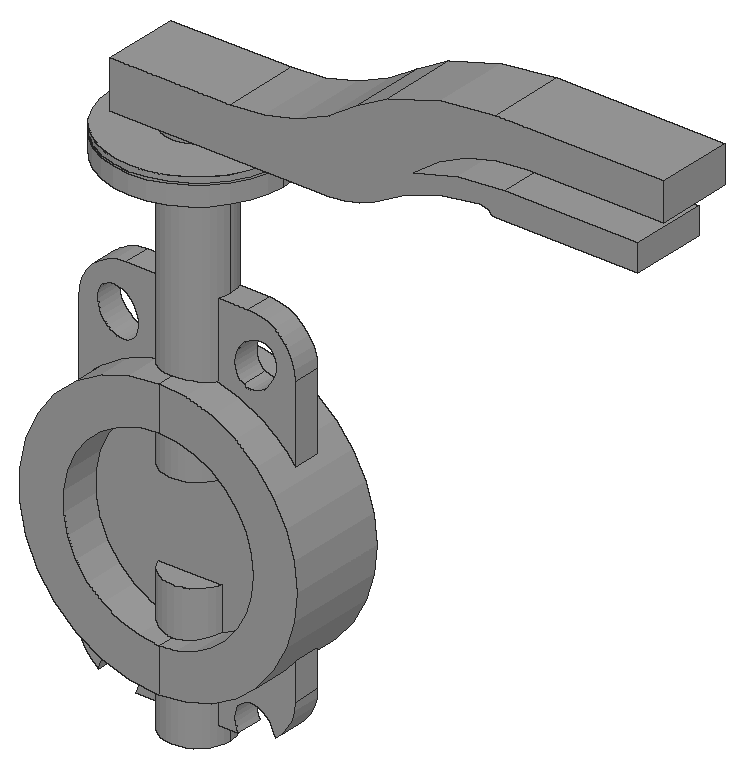
Revit family "3M_Butterfly Valve_UNIVAL_BWN-0301 - 40-600 mm", category Pipe Accessories, Revit 2016
Family settings
  Part Type = Valve - Breaks Into
  Round Connector Dimension = Use Diameter
  OmniClass Number = 23.65.55.14.17
  OmniClass Title = Adjusting/Controlling Valves for Liquid Services
  Work Plane-Based = No
  Always vertical = Yes
  Cut with Voids When Loaded = No
  Shared = No
Parameters (values of type "DN100")
  built-in parameter 1114242 [instance] = 1
  T = -10 mm
  Symbol_consist = E / 30 * 17  # 29.183 mm
  Seat Material = "EPDM / NBR / VITON / PTFE"
  Loss Method = K Coefficient from Table
  Kv = 760
  K Coefficient Table = "Butterfly Valve Full Open"
  Ear_x1 = 32 mm
  Ear_y1 = 40 mm
  URL = "http://www.unival.com.tr/"
  Stem_top_h = 1 mm
  Standard No = "TS EN 593+A1"
  Pressure Rating = "PN16"
  Operator Type = M_Handle - Curved : Lever_260mm
  Model = "BWN-0201X100"
  Max. Working Temperature = "EPDM 120°C (water), NBR 90°C (water and petroleum oil)"
  Max. Working Pressure = "11 Bar"
  Max Diff. Pressure (Allowed) = "3 Bar"
  Manufacturer = "Giacomini Unival\r\nGiacomini Unival"
  Gasket Material = "EPDM / NBR"
  Stem_D = 34.5 mm
  Eclipse_r2 = Eclipse_r1 / 1.3  # 20 mm
  Eclipse_r1 = 26 mm
  Eclipse_l = 36 mm
  Eclipse_h = 86 mm
  EarEdge_r = 25 mm
  EarBottom_h = 90 mm
  Disc_r = DN / 2  # 50 mm
  Disc Material = "Nickel plated ductile iron"  # constant formula
  Description TR = "Wafer tip kelebek vana"
  Description = "Wafer type butterfly valve"
  DN = 100 mm
  D = 90 mm
  Connection Type = "Wafer"
  Certifications = "TSE EAC CE"
  E = 51.5 mm
  Body Material = "Cast iron"  # constant formula
  Body_r = DN / 2 + 23 mm  # 73 mm
  B = 100 mm
  Eclipse_angle = 30.00°
  A = 180 mm
Types (15, lengths in mm): name | T | Symbol_consist | Seat Material | Kv | Ear_x1 | Ear_y1 | Stem_top_h | Operator Type | Model | Max Diff. Pressure (Allowed) | Gasket Material | Stem_D | Eclipse_r2 | Eclipse_r1 | Eclipse_l | Eclipse_h | EarEdge_r | EarBottom_h | Disc_r | DN | D | E | Body_r | B | Eclipse_angle | A
  DN100 | -10 | 29.183 | "EPDM / NBR / VITON / PTFE" | 760 | 32 | 40 | 1 | M_Handle - Curved : Lever_260mm | "BWN-0201X100" | "3 Bar" | "EPDM / NBR" | 34.5 | 20 | 26 | 36 | 86 | 25 | 90 | 50 | 100 | 90 | 51.5 | 73 | 100 | 30.00° | 180
  DN250 | -10 | 38.817 | "EPDM / NBR / VITON / PTFE" | 5050 | 75 | 70 | 26 | M_Handle - Curved : Lever_416mm | "BWN-0201X250" | "1.5 Bar" | "EPDM, NBR" | 45.888 | 40 | 52 | 70 | 168 | 32 | 180 | 125 | 250 | 125 | 68.5 | 148 | 200 | 30.00° | 274
  DN40 | -10 | 19.55 | "EPDM / NBR / VITON / PTFE" | 49.5 | 20 | 22 | 1 | M_Handle - Curved : Lever_260mm | "BWN-0201X040" | "3 Bar" | "EPDM, NBR" | 23.112 | 13.846 | 18 | 20 | 50 | 10 | 54 | 20 | 40 | 90 | 34.5 | 43 | 63.5 | 20.00° | 140
  DN50 | -10 | 24.367 | "EPDM / NBR / VITON / PTFE" | 115 | 20 | 22 | 1 | M_Handle - Curved : Lever_260mm | "BWN-0201X050" | "3 Bar" | "EPDM, NBR" | 28.806 | 13.846 | 18 | 22 | 56 | 14 | 60 | 25 | 50 | 90 | 43 | 48 | 68.5 | 30.00° | 140
  DN65 | -10 | 25.5 | "EPDM / NBR / VITON / PTFE" | 255 | 20 | 22 | 1 | M_Handle - Curved : Lever_260mm | "BWN-0201X065" | "3 Bar" | "EPDM, NBR" | 30.146 | 13.846 | 18 | 23 | 65 | 14 | 70 | 32.5 | 65 | 90 | 45 | 55.5 | 76 | 30.00° | 152
  DN80 | -10 | 26.067 | "EPDM / NBR / VITON / PTFE" | 375 | 22 | 22 | 1 | M_Handle - Curved : Lever_260mm | "BWN-0201X080" | "3 Bar" | "EPDM, NBR" | 30.816 | 15.385 | 20 | 27 | 70 | 20 | 75 | 40 | 80 | 90 | 46 | 63 | 85 | 30.00° | 160
  DN125 | -10 | 31.733 | "EPDM / NBR / VITON / PTFE" | 1030 | 34 | 36 | 1 | M_Handle - Curved : Lever_260mm | "BWN-0201X125" | "3 Bar" | "EPDM, NBR" | 37.515 | 21.538 | 28 | 38 | 98 | 28 | 105 | 62.5 | 125 | 90 | 56 | 85.5 | 120 | 30.00° | 191
  DN150 | -10 | 32.017 | "EPDM / NBR / VITON / PTFE" | 1790 | 42 | 42 | 1 | M_Handle - Curved : Lever_260mm | "BWN-0201X150" | "3 Bar" | "EPDM, NBR" | 37.85 | 23.077 | 30 | 46 | 110 | 25 | 117 | 75 | 150 | 90 | 56.5 | 98 | 132 | 30.00° | 202
  DN200 | -10 | 34 | "EPDM / NBR / VITON / PTFE" | 3450 | 56 | 52 | 23 | M_Handle - Curved : Lever_326mm | "BWN-0201X200" | "3 Bar" | "EPDM, NBR" | 40.194 | 32.308 | 42 | 58 | 136 | 30 | 145 | 100 | 200 | 125 | 60 | 123 | 160 | 30.00° | 237
  DN300 | -10 | 45.05 | "EPDM / NBR / VITON / PTFE" | 7420 | 80 | 80 | 26 | M_Handle - Curved : Lever_416mm | "BWN-0201X300" | "1.5 Bar" | "EPDM, NBR" | 53.257 | 44.615 | 58 | 84 | 194 | 40 | 208 | 150 | 300 | 125 | 79.5 | 173 | 230 | 30.00° | 312
  DN350 | -24 | 44.2 | "EPDM / NBR / VITON" | 10300 | 86 | 90 | 1 | M_Gear - Operator  : GearS | "BWN-0201X350" | "" | "EPDM, NBR" | 52.252 | 53.846 | 70 | 78 | 228 | 44 | 270 | 175 | 350 | 125 | 78 | 198 | 280 | 30.00° | 368
  DN400 | -25 | 49.867 | "EPDM / NBR / VITON" | 14007 | 94 | 90 | 1 | M_Gear - Operator  : GearM | "BWN-0201X400" | "" | "EPDM, NBR" | 58.951 | 56.923 | 74 | 84 | 256 | 44 | 300 | 200 | 400 | 175 | 88 | 223 | 310 | 30.00° | 400
  DN450 | -26 | 61.767 | "EPDM / NBR / VITON" | 18551 | 94 | 90 | 1 | M_Gear - Operator  : GearM | "BWN-0201X450" | "" | "EPDM, NBR" | 73.019 | 56.923 | 74 | 86 | 280 | 44 | 330 | 225 | 450 | 175 | 109 | 248 | 340 | 30.00° | 422
  DN500 | -25 | 71.967 | "EPDM / NBR / VITON" | 23853 | 110 | 96 | 1 | M_Gear - Operator  : GearL | "BWN-0201X500" | "" | "EPDM, NBR" | 85.078 | 64.615 | 84 | 100 | 310 | 50 | 370 | 250 | 500 | 210 | 127 | 273 | 388 | 30.00° | 480
  DN600 | -30 | 87.267 | "EPDM / NBR / VITON" | 36894 | 130 | 130 | 1 | M_Gear - Operator  : GearL | "BWN-0201X600" | "" | "EPDM, NBR" | 103.165 | 76.923 | 100 | 116 | 376 | 50 | 436 | 300 | 600 | 210 | 154 | 323 | 450 | 30.00° | 562
Reference planes
  plane 1 "Center (Front/Back)": y = 0
  plane 2: z = 0
  plane 3 "Center (Left/Right)": x = 0
  plane 4 "Disk": z = 50
  plane 5 "Disc 2": z = -50
  plane 6 "A": z = 180
  plane 7: z = -100
  plane 8: z = 25
  plane 9: z = -25
  plane 10 "Handle_Plane": z = 181
  plane 11: y = 25.75
  plane 12: y = -25.75
  plane 13: x = -84.994
  plane 14: x = 84.994
Forms (mm)
  Extrusion 1, solid, material "UNIVAL_Grey", detail levels fine
    sketch origin (0, 0, 0) x (1, 0, 0) y (0, 0, 1)
      loop
        circle (0, 0) r 50
    from -5 to 5
  Revolve 2, solid, material "UNIVAL_IRON", detail levels fine
    sketch origin (0, 0, 0) x (0, 1, 0) y (0, 0, 1)
      loop
        line (25.75, 73) -> (-25.75, 73) -> (-25.75, 50) -> (25.75, 50) -> (25.75, 73)
      axis (25.75, 0) -> (-25.75, 0)
    angle from 0 to 360
  Extrusion 3, solid, material "UNIVAL_IRON", detail levels fine
    sketch origin (0, 0, 0) x (1, 0, 0) y (0, 1, 0)
      loop
        circle (0, 0) r 17.25
    from 50 to 180
  Extrusion 4, solid, material "UNIVAL_IRON", detail levels fine
    sketch origin (0, 0, 0) x (1, 0, 0) y (0, 1, 0)
      loop
        circle (0, 0) r 17.25
    from -100 to -50
  Extrusion 5, solid, material "UNIVAL_IRON", detail levels fine
    sketch origin (0, 0, 180) x (1, 0, 0) y (0, 1, 0)
      loop
        circle (0, 0) r 45
    from -10 <- "T" to 0
  Extrusion 6, solid, material "UNIVAL_Grey", detail levels fine
    sketch origin (0, 0, 50) x (-1, 0, 0) y (0, -1, 0)
      loop
        circle (0, 0) r 17.25
    from -25 to 0
  Extrusion 7, solid, material "UNIVAL_Grey", detail levels fine
    sketch origin (0, 0, -50) x (-1, 0, 0) y (0, -1, 0)
      loop
        circle (0, 0) r 17.25
    from 0 to 25
  Extrusion 8, solid, material "UNIVAL_IRON", detail levels fine
    sketch origin (-1351.99, -1524, 180) x (-1, 0, 0) y (0, -1, 0)
      loop
        circle (-1351.99, -1524) r 45
    from 0 to 1 <- "Stem_top_h"
  Extrusion 9, solid, material "UNIVAL_IRON", detail levels fine
    sketch origin (0, 0, 0) x (1, 0, 0) y (0, 0, 1)
      loop
        arc (-32, 110.607) -> (-49.678, 103.285) -> (-57, 85.607) r 25
        line (-57, 85.607) -> (-57, 45.607)
        arc (-57, 45.607) -> (0, 73) -> (57, 45.607) r 73
        line (57, 45.607) -> (57, 85.607)
        arc (57, 85.607) -> (49.678, 103.285) -> (32, 110.607) r 25
        line (32, 110.607) -> (0, 110.607) -> (-32, 110.607)
      loop
        line (-32, -90) -> (0, -90) -> (32, -90)
        arc (32, -90) -> (49.678, -82.678) -> (57, -65) r 25
        line (57, -65) -> (57, -45.607)
        arc (57, -45.607) -> (0, -73) -> (-57, -45.607) r 73
        line (-57, -45.607) -> (-57, -65)
        arc (-57, -65) -> (-49.678, -82.678) -> (-32, -90) r 25
    from -7 to 7
  Extrusion 10, void, detail levels medium+fine
    sketch origin (0, 0, 0) x (1, 0, 0) y (0, 0, 1)
      loop
        spline (29.5, 74.742) -> (31.963, 73.831) -> (34.701, 73.75) -> (37.528, 74.504) -> (40.25, 76.041) -> (42.683, 78.257) -> (44.66, 81) -> (46.047, 84.084) -> (46.75, 87.299) -> (46.72, 90.425) -> (45.959, 93.25) -> (44.52, 95.581) -> (42.5, 97.258)
        spline (42.5, 97.258) -> (40.037, 98.169) -> (37.299, 98.25) -> (34.472, 97.496) -> (31.75, 95.959) -> (29.317, 93.743) -> (27.34, 91) -> (25.953, 87.916) -> (25.25, 84.701) -> (25.28, 81.575) -> (26.041, 78.75) -> (27.48, 76.419) -> (29.5, 74.742)
    from -10 to 10
  Extrusion 11, void, detail levels medium+fine
    sketch origin (0, 0, 0) x (-1, 0, 0) y (0, 0, -1)
      loop
        spline (29.5, -74.742) -> (27.48, -76.419) -> (26.041, -78.75) -> (25.28, -81.575) -> (25.25, -84.701) -> (25.953, -87.916) -> (27.34, -91) -> (29.317, -93.743) -> (31.75, -95.959) -> (34.472, -97.496) -> (37.299, -98.25) -> (40.037, -98.169) -> (42.5, -97.258)
        spline (42.5, -97.258) -> (44.52, -95.581) -> (45.959, -93.25) -> (46.72, -90.425) -> (46.75, -87.299) -> (46.047, -84.084) -> (44.66, -81) -> (42.683, -78.257) -> (40.25, -76.041) -> (37.528, -74.504) -> (34.701, -73.75) -> (31.963, -73.831) -> (29.5, -74.742)
    from -7 to 7
  Extrusion 12, void, detail levels medium+fine
    sketch origin (0, 0, 0) x (1, 0, 0) y (0, 0, 1)
      loop
        spline (29.5, -74.742) -> (27.48, -76.419) -> (26.041, -78.75) -> (25.28, -81.575) -> (25.25, -84.701) -> (25.953, -87.916) -> (27.34, -91) -> (29.317, -93.743) -> (31.75, -95.959) -> (34.472, -97.496) -> (37.299, -98.25) -> (40.037, -98.169) -> (42.5, -97.258)
        spline (42.5, -97.258) -> (44.52, -95.581) -> (45.959, -93.25) -> (46.72, -90.425) -> (46.75, -87.299) -> (46.047, -84.084) -> (44.66, -81) -> (42.683, -78.257) -> (40.25, -76.041) -> (37.528, -74.504) -> (34.701, -73.75) -> (31.963, -73.831) -> (29.5, -74.742)
    from -7 to 7
  Extrusion 13, void, detail levels medium+fine
    sketch origin (0, 0, 0) x (-1, 0, 0) y (0, 0, -1)
      loop
        spline (29.5, 74.742) -> (31.963, 73.831) -> (34.701, 73.75) -> (37.528, 74.504) -> (40.25, 76.041) -> (42.683, 78.257) -> (44.66, 81) -> (46.047, 84.084) -> (46.75, 87.299) -> (46.72, 90.425) -> (45.959, 93.25) -> (44.52, 95.581) -> (42.5, 97.258)
        spline (42.5, 97.258) -> (40.037, 98.169) -> (37.299, 98.25) -> (34.472, 97.496) -> (31.75, 95.959) -> (29.317, 93.743) -> (27.34, 91) -> (25.953, 87.916) -> (25.25, 84.701) -> (25.28, 81.575) -> (26.041, 78.75) -> (27.48, 76.419) -> (29.5, 74.742)
    from -7 to 7
Cuts and joins
  joined: Revolve 2, Extrusion 3, Extrusion 4, Extrusion 5
  joined: Extrusion 1, Extrusion 6, Extrusion 7
  Extrusion 10, Extrusion 11, Extrusion 12, Extrusion 13 cuts Extrusion 9
Lines and regions (mm)
  model lines, detail levels coarse+medium
    curve 1: line (-14.592, 25.75, 0) -> (14.592, 25.75, 0)
    curve 3: line (14.592, -25.75, 0) -> (-14.592, -25.75, 0)
    curve 5: line (-14.592, -25.75, 0) -> (14.592, 25.75, 0)
    curve 6: line (14.592, -25.75, 0) -> (-14.592, 25.75, 0)
  model lines, not visible, detail levels coarse+medium
    curve 2: line (-14.592, -25.75, 0) -> (-14.592, 25.75, 0)
    curve 4: line (14.592, 25.75, 0) -> (14.592, -25.75, 0)
Dimensions and locks
  equal spacing: Revolve 2 sketch curve, plane 1 "Center (Front/Back)", Revolve 2 sketch curve
  "E": Revolve 2 sketch curve to Revolve 2 sketch curve
  "Disc_r": Revolve 2 sketch curve to Revolve 2 sketch curve
  "Body_r": Revolve 2 sketch curve to Revolve 2 sketch curve
  "Disc_r": plane 4 "Disk" to plane 2
  "Disc_r": level to plane 5 "Disc 2"
  "A": plane 6 "A" to plane 2
  "B": level to plane 7
  equal spacing: plane 4 "Disk", plane 8, level
  equal spacing: level, plane 9, plane 5 "Disc 2"
  "Stem_top_h": plane 10 "Handle_Plane" to plane 6 "A"
  "E": plane 12 to plane 11
  equal spacing: plane 12, plane 1 "Center (Front/Back)", plane 11
  "Ear_x1": nested 1 to Extrusion 9 sketch curve
  "Ear_y1": Extrusion 9 sketch curve to Extrusion 9 sketch curve  (x2)
  "Ear_x1": Extrusion 9 sketch curve to plane 3 "Center (Left/Right)"  (x2)
  "Eclipse_l": Extrusion 10 sketch curve to plane 3 "Center (Left/Right)"
  "Eclipse_h": Extrusion 10 sketch curve to level
  "Eclipse_r2": Extrusion 10 sketch curve to Extrusion 10 sketch curve
  "Eclipse_r1": Extrusion 10 sketch curve to Extrusion 10 sketch curve
  "Eclipse_r2": Extrusion 11 sketch curve to Extrusion 11 sketch curve
  "Eclipse_r1": Extrusion 11 sketch curve to Extrusion 11 sketch curve
  "Eclipse_l": plane 3 "Center (Left/Right)" to Extrusion 11 sketch curve
  "Eclipse_h": Extrusion 11 sketch curve to level
  "Eclipse_r2": Extrusion 12 sketch curve to Extrusion 12 sketch curve
  "Eclipse_r1": Extrusion 12 sketch curve to Extrusion 12 sketch curve
  "Eclipse_r2": Extrusion 13 sketch curve to Extrusion 13 sketch curve
  "Eclipse_r1": Extrusion 13 sketch curve to Extrusion 13 sketch curve
  "Eclipse_h": level to Extrusion 12 sketch curve
  "Eclipse_l": Extrusion 12 sketch curve to plane 3 "Center (Left/Right)"
  "Eclipse_l": plane 3 "Center (Left/Right)" to Extrusion 13 sketch curve
  "Eclipse_h": level to Extrusion 13 sketch curve
  equal spacing: Extrusion 9 sketch curve, Extrusion 9 sketch curve, Extrusion 9 sketch curve
  "Ear_x1": plane 3 "Center (Left/Right)" to Extrusion 9 sketch curve
  "EarBottom_h": level to Extrusion 9 sketch curve
  "Symbol_consist": curve 2 to curve 1
  equal spacing: curve 2, plane 3 "Center (Left/Right)", curve 4
  "Disc_r": radius of Extrusion 1 sketch curve
  "Stem_D": diameter of Extrusion 3 sketch curve
  "Stem_D": diameter of Extrusion 4 sketch curve
  "D": diameter of Extrusion 5 sketch curve
  "Stem_D": diameter of Extrusion 6 sketch curve
  "Stem_D": diameter of Extrusion 7 sketch curve
  "D": diameter of Extrusion 8 sketch curve
  "EarEdge_r": radius of Extrusion 9 sketch curve  (x3)
  "Eclipse_angle": angle plane 3 "Center (Left/Right)" to Extrusion 11 sketch curve
  "Eclipse_angle": angle plane 3 "Center (Left/Right)" to Extrusion 12 sketch curve
  "Eclipse_angle": angle Extrusion 13 sketch curve to plane 3 "Center (Left/Right)"
  "Eclipse_angle": angle Extrusion 10 sketch curve to plane 3 "Center (Left/Right)"
  aligned and locked: level to plane 2
  aligned and locked: Revolve 2 sketch curve to level
  aligned and locked: Extrusion 3 to plane 4 "Disk"
  aligned and locked: plane 6 "A" to Extrusion 3
  aligned and locked: plane 5 "Disc 2" to Extrusion 4
  aligned and locked: plane 7 to Extrusion 4
  aligned and locked: Extrusion 6 to Extrusion 3
  aligned and locked: Extrusion 6 to plane 8
  aligned and locked: plane 9 to Extrusion 7
  aligned and locked: Extrusion 7 to plane 5 "Disc 2"
  aligned and locked: Extrusion 9 sketch curve to cut or joined group of Revolve 2, Extrusion 3, Extrusion 4, Extrusion 5  (x2)
Automatic sketch dimensions
  Extrusion 1 sketch curve to level = 0 mm
  Extrusion 1 sketch curve to plane 3 "Center (Left/Right)" = 0 mm
  plane 12 to Revolve 2 sketch curve = 2821.218 mm
  Revolve 2 sketch curve to plane 11 = 1437.719 mm
  plane 1 "Center (Front/Back)" to Extrusion 3 sketch curve = 0 mm
  Extrusion 3 sketch curve to plane 3 "Center (Left/Right)" = 0 mm
  plane 1 "Center (Front/Back)" to Extrusion 4 sketch curve = 0 mm
  Extrusion 4 sketch curve to plane 3 "Center (Left/Right)" = 0 mm
  plane 1 "Center (Front/Back)" to Extrusion 6 sketch curve = 0 mm
  Extrusion 6 sketch curve to plane 3 "Center (Left/Right)" = 0 mm
  plane 1 "Center (Front/Back)" to Extrusion 7 sketch curve = 0 mm
  Extrusion 7 sketch curve to plane 3 "Center (Left/Right)" = 0 mm
  plane 1 "Center (Front/Back)" to Extrusion 8 sketch curve = 0 mm
  Extrusion 8 sketch curve to plane 3 "Center (Left/Right)" = 0 mm
  plane 12 to curve 3 = 0 mm
  plane 11 to curve 2 = 0 mm
  Extrusion 9 sketch curve to plane 3 "Center (Left/Right)" = 0 mm
Nested families
  nested 1: "M_Handle - Curved" at (0, 0, 181), type <- "Operator Type", type "Lever_260mm", detail levels fine
    with Stem_D 34.5 mm
Connectors
  piping at (0, -25.75, 0), diameter 100, driven by "DN"
    settings: on Revolve 2, index 1, connector inside diameter 609.6 mm, connector length 0 mm, flow factor 0, pipe flow 0.0 L/s, pressure drop 0.0 Pa, fitting loss kfactor 0, connector angle 0.00°, fixture units 0, engagement length 0 mm, angle of deflection 0.00°, flow configuration 0, flow direction 0, fitting loss method 0, system type 29, joint type 0, gender type 0, connector reference index 2, connector utility 0, adjustable connector no, is connector primary yes, connector description ""
  piping at (0, 25.75, 0), diameter 100, driven by "DN"
    settings: on Revolve 2, index 2, connector inside diameter 609.6 mm, connector length 0 mm, flow factor 0, pipe flow 0.0 L/s, pressure drop 0.0 Pa, fitting loss kfactor 0, connector angle 0.00°, fixture units 0, engagement length 0 mm, angle of deflection 0.00°, flow configuration 0, flow direction 0, fitting loss method 0, system type 29, joint type 0, gender type 0, connector reference index 1, connector utility 0, adjustable connector no, is connector primary no, connector description ""
Definition of nested family "M_Handle - Curved"
  Parameters (values of type "Lever_326mm")
    Stem_D = 23.112 mm
    L_Handle = 260 mm
    L2 = L1 + 3 mm  # 140 mm
    L1 = 137 mm
    Default Elevation = 1219.2 mm
    D_Handle = 23.112 mm
  Types (3, lengths in mm): name | L_Handle | L2 | L1 | D_Handle
    Lever_260mm | 26 | 74 | 71 | 90
    Lever_326mm | 260 | 140 | 137 | 23.112
    Lever_416mm | 260 | 230 | 227 | 23.112
  Reference planes
    plane 1 "Center (Front/Back)": y = 0
    plane 2: z = 0
    plane 3 "Center (Left/Right)": x = 0
  Forms (mm)
    Extrusion 1, solid
      sketch origin (0, 0, 0) x (1, 0, 0) y (0, 1, 0)
        loop
          line (-360, 340) -> (-360, -334.649) -> (361.39, -334.649) -> (361.39, 340) -> (-360, 340)
      from 0 to -82.308
    Extrusion 2, solid
      sketch origin (-41.968, 0, -746.489) x (1, 0, 0) y (0, 0, 1)
        loop
          line (11.968, 753.489) -> (127.16, 753.489)
          arc (127.16, 753.489) -> (139.188, 755.108) -> (150.552, 759.372) r 54.013
          arc (150.552, 759.372) -> (176.894, 772.229) -> (205.698, 777.663) r 109.864
          arc (205.698, 777.663) -> (208.156, 777.429) -> (210.44, 776.49) r 8.395
          arc (210.44, 776.49) -> (212.221, 774.984) -> (214.509, 774.535) r 4.642
          line (214.509, 774.535) -> (354.509, 774.535) -> (354.509, 788.507) -> (218.712, 788.507)
          arc (218.712, 788.507) -> (194.423, 786.381) -> (170.871, 780.071) r 139.878
          arc (170.871, 780.071) -> (198.908, 796.978) -> (231.113, 802.867) r 90.996
          line (231.113, 802.867) -> (368.113, 802.867) -> (368.113, 822.274) -> (214.272, 822.274)
          arc (214.272, 822.274) -> (185.304, 818.955) -> (157.465, 810.285) r 155.405
          line (157.465, 810.285) -> (141.473, 801.155)
          arc (141.473, 801.155) -> (109.966, 784.24) -> (74.686, 778.393) r 109.363
          line (74.686, 778.393) -> (11.968, 778.393) -> (11.968, 753.489)
      from -20 to 20
    Extrusion 3, solid
      sketch origin (0, 0, 0) x (1, 0, 0) y (0, 1, 0)
        loop
          circle (0, 0) r 11.556
      from 0 to 3
    Extrusion 4, solid
      sketch origin (0, 0, 0) x (1, 0, 0) y (0, 1, 0)
        loop
          circle (0, 0) r 11.556
      from 0 to 7
  Dimensions and locks
    "L2": Extrusion 2 sketch curve to Extrusion 2 sketch curve
    Extrusion 2 to plane 3 "Center (Left/Right)" = 326.145 mm
    "D_Handle": diameter of Extrusion 3 sketch curve
    "D_Handle": diameter of Extrusion 3
    "Stem_D": diameter of Extrusion 4 sketch curve
    aligned and locked: plane 2 to Extrusion 1
    aligned and locked: level to Extrusion 1
    aligned and locked: plane 1 "Center (Front/Back)" to Extrusion 3 sketch curve
    aligned and locked: plane 1 "Center (Front/Back)" to Extrusion 4 sketch curve
    aligned and locked: plane 3 "Center (Left/Right)" to Extrusion 4 sketch curve
  Automatic sketch dimensions
    Extrusion 1 sketch curve to Extrusion 1 sketch curve = 721.39 mm
    Extrusion 1 sketch curve to Extrusion 1 sketch curve = 674.649 mm
    Extrusion 2 sketch curve to plane 3 "Center (Left/Right)" = 30 mm
    plane 3 "Center (Left/Right)" to Extrusion 2 sketch curve = 32.717 mm
    Extrusion 2 sketch curve to Extrusion 2 sketch curve = 51.329 mm
    level to Extrusion 2 sketch curve = 7 mm
    Extrusion 2 sketch curve to Extrusion 2 sketch curve = 1.145 mm
    Extrusion 2 sketch curve to Extrusion 2 sketch curve = 15.459 mm
    Extrusion 2 sketch curve to Extrusion 2 sketch curve = 15.992 mm
    Extrusion 2 sketch curve to Extrusion 2 sketch curve = 48.675 mm
    Extrusion 2 sketch curve to Extrusion 2 sketch curve = 5.341 mm
    Extrusion 2 sketch curve to Extrusion 2 sketch curve = 8.091 mm
    Extrusion 2 sketch curve to Extrusion 2 sketch curve = 0.041 mm
    Extrusion 2 sketch curve to Extrusion 2 sketch curve = 0.278 mm
    Extrusion 2 sketch curve to Extrusion 2 sketch curve = 5.915 mm
    Extrusion 2 sketch curve to Extrusion 2 sketch curve = 4.482 mm
    Extrusion 2 sketch curve to Extrusion 2 sketch curve = 13.718 mm
    Extrusion 2 sketch curve to Extrusion 2 sketch curve = 13.605 mm
    Extrusion 2 sketch curve to level = 34.618 mm
    Extrusion 2 sketch curve to Extrusion 2 sketch curve = 43.92 mm
    Extrusion 2 sketch curve to Extrusion 2 sketch curve = 1.051 mm
    Extrusion 2 sketch curve to Extrusion 2 sketch curve = 18.272 mm
    level to Extrusion 2 sketch curve = 22.79 mm
    Extrusion 2 sketch curve to Extrusion 2 sketch curve = 5.255 mm
    level to Extrusion 2 sketch curve = 31.903 mm
    Extrusion 2 sketch curve to Extrusion 2 sketch curve = 4.633 mm
    Extrusion 2 sketch curve to Extrusion 2 sketch curve = 13.971 mm
    Extrusion 2 sketch curve to Extrusion 2 sketch curve = 47.666 mm
    Extrusion 2 sketch curve to Extrusion 2 sketch curve = 14.361 mm
    Extrusion 2 sketch curve to Extrusion 2 sketch curve = 6.336 mm
    Extrusion 2 sketch curve to Extrusion 2 sketch curve = 9.13 mm
    level to Extrusion 2 sketch curve = 12.883 mm
    Extrusion 2 sketch curve to Extrusion 2 sketch curve = 0 mm
    Extrusion 3 sketch curve to plane 3 "Center (Left/Right)" = 0 mm
